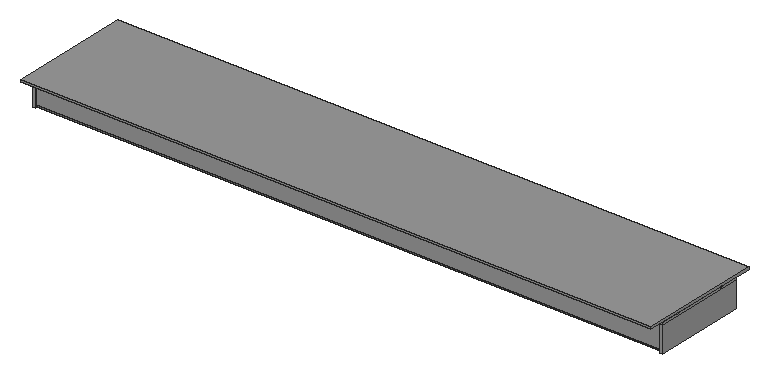
Revit family "Berica 2.2 M", category Lighting Fixtures, Revit 2020 (continued)
Definition of nested family "Light Source Berica 2.2"
  Parameters (values of type "L 45°x96°")
       \r\n28.31 32.83 39.80 50.99 62.08 75.64 94.62 113.79 136.88 \r\n160.99 185.80 211.07 233.69 254.66 277.33 308.16 339.94 \r\n369.98 398.93 426.38 453.65 482.34 509.91 541.82 571.14 \r\n603.80 636.42 671.28 706.25 742.00 780.92 819.81 857.36 \r\n895.49 934.49 972.37 1013.03 1050.30 1086.02 1125.54 \r\n1162.46 1198.18 1233.21 1266.74 1301.11 1332.04 1364.54 \r\n1395.65 1424.40 1453.22 1479.61 1504.73 1529.79 1554.83 \r\n1578.21 1602.15 1620.98 1640.57 1657.68 1677.48 1692.53 \r\n1706.91 1719.81 1731.26 1742.47 1752.84 1761.80 1769.85 \r\n1777.04 1782.90 1787.85 1792.60 1796.12 \r\n1796.12 1792.12 1786.26 1780.08 1773.01 1764.19 1754.28 \r\n1743.55 1731.25 1718.25 1703.33 1687.66 1668.95 1651.52 \r\n1628.70 1606.32 1583.35 1558.66 1530.74 1506.11 1477.67 \r\n1449.41 1418.69 1386.36 1356.94 1318.71 1287.15 1247.90 \r\n1211.13 1170.68 1135.08 1096.70 1057.17 1015.75 975.25 \r\n935.81 894.37 855.07 818.94 778.75 743.65 706.55 670.67 \r\n638.03 603.45 570.93 540.30 509.61 481.18 447.14 412.01 \r\n376.43 341.46 315.34 291.41 268.75 243.25 212.94 184.04 \r\n157.03 130.85 110.32 89.80 70.47 58.67 47.01 34.43 27.14 \r\n23.60 20.41 16.84 13.43 9.93 7.02 6.05 5.26 4.61 3.92 \r\n3.30 2.68 2.18 1.64 1.20 0.82 0.56 0.34 0.24 0.20 0.20 \r\n0.20 0.20 0.20 0.20 0.20 0.24 0.34 0.56 0.82 1.20 1.64 \r\n2.18 2.68 3.30 3.92 4.61 5.26 6.05 7.02 9.93 13.43 16.84 \r\n20.41 23.60 27.14 34.43 47.01 58.67 70.47 89.80 110.32 \r\n130.85 157.03 184.04 212.94 243.25 268.75 291.41 315.34 \r\n341.46 376.43 412.01 447.14 481.18 509.61 540.30 570.93 \r\n603.45 638.03 670.67 706.55 743.65 778.75 818.94 855.07 \r\n894.37 935.81 975.25 1015.75 1057.17 1096.70 1135.08 \r\n1170.68 1211.13 1247.90 1287.15 1318.71 1356.94 1386.36 \r\n1418.69 1449.41 1477.67 1506.11 1530.74 1558.66 1583.35 \r\n1606.32 1628.70 1651.52 1668.95 1687.66 1703.33 1718.25 \r\n1731.25 1743.55 1754.28 1764.19 1773.01 1780.08 1786.26 \r\n1792.12 1796.12 \r\n1796.12 1791.11 1784.43 1776.39 1767.45 1757.47 1745.42 \r\n1733.25 1717.93 1703.57 1684.01 1664.91 1642.56 1620.92 \r\n1594.47 1568.82 1541.65 1513.27 1483.99 1452.56 1421.37 \r\n1385.68 1353.40 1316.64 1280.58 1237.99 1199.77 1158.50 \r\n1117.18 1075.66 1034.00 992.71 949.70 910.08 865.77 \r\n827.11 784.59 748.42 708.65 675.62 640.29 606.71 574.44 \r\n540.45 504.73 463.08 421.18 384.43 355.89 330.44 307.89 \r\n280.12 247.03 214.62 187.63 160.90 137.13 117.09 95.43 \r\n74.77 63.42 50.89 36.81 26.52 22.79 19.88 16.84 13.74 \r\n10.54 7.03 3.75 2.76 2.42 2.17 1.92 1.70 1.47 1.25 1.05 \r\n0.86 0.69 0.52 0.38 0.27 0.20 0.17 0.16 0.16 0.16 0.16 \r\n0.16 0.16 0.16 0.16 0.16 0.17 0.20 0.27 0.38 0.52 0.69 \r\n0.86 1.05 1.25 1.47 1.70 1.92 2.17 2.42 2.76 3.75 7.03 \r\n10.54 13.74 16.84 19.88 22.79 26.52 36.81 50.89 63.42 \r\n74.77 95.43 117.09 137.13 160.90 187.63 214.62 247.03 \r\n280.12 307.89 330.44 355.89 384.43 421.18 463.08 504.73 \r\n540.45 574.44 606.71 640.29 675.62 708.65 748.42 784.59 \r\n827.11 865.77 910.08 949.70 992.71 1034.00 1075.66 \r\n1117.18 1158.50 1199.77 1237.99 1280.58 1316.64 1353.40 \r\n1385.68 1421.37 1452.56 1483.99 1513.27 1541.65 1568.82 \r\n1594.47 1620.92 1642.56 1664.91 1684.01 1703.57 1717.93 \r\n1733.25 1745.42 1757.47 1767.45 1776.39 1784.43 1791.11 \r\n1796.12 \r\n1796.12 1790.84 1782.96 1773.58 1761.75 1751.03 1737.48 \r\n1723.71 1706.02 1686.52 1664.67 1641.53 1615.50 1590.27 \r\n1560.14 1532.42 1500.66 1468.63 1433.64 1399.64 1360.80 \r\n1323.87 1284.20 1242.16 1200.02 1155.72 1113.29 1068.47 \r\n1024.16 981.05 933.96 892.90 849.23 806.26 765.00 725.33 \r\n687.83 651.49 615.55 581.68 539.15 495.60 448.06 408.26 \r\n378.66 349.71 327.17 298.28 260.89 226.74 198.50 172.27 \r\n148.02 127.38 108.86 87.61 72.51 61.92 49.29 34.31 25.73 \r\n22.83 20.01 17.05 13.88 10.73 7.38 3.47 1.39 1.19 1.06 \r\n0.96 0.86 0.77 0.68 0.58 0.50 0.41 0.33 0.26 0.20 0.16 \r\n0.14 0.14 0.13 0.13 0.13 0.13 0.13 0.13 0.13 0.13 0.13 \r\n0.13 0.13 0.13 0.13 0.14 0.14 0.16 0.20 0.26 0.33 0.41 \r\n0.50 0.58 0.68 0.77 0.86 0.96 1.06 1.19 1.39 3.47 7.38 \r\n10.73 13.88 17.05 20.01 22.83 25.73 34.31 49.29 61.92 \r\n72.51 87.61 108.86 127.38 148.02 172.27 198.50 226.74 \r\n260.89 298.28 327.17 349.71 378.66 408.26 448.06 495.60 \r\n539.15 581.68 615.55 651.49 687.83 725.33 765.00 806.26 \r\n849.23 892.90 933.96 981.05 1024.16 1068.47 1113.29 \r\n1155.72 1200.02 1242.16 1284.20 1323.87 1360.80 1399.64 \r\n1433.64 1468.63 1500.66 1532.42 1560.14 1590.27 1615.50 \r\n1641.53 1664.67 1686.52 1706.02 1723.71 1737.48 1751.03 \r\n1761.75 1773.58 1782.96 1790.84 1796.12 \r\n1796.12 1789.46 1781.30 1770.38 1757.76 1744.27 1730.85 \r\n1713.49 1692.51 1670.64 1644.22 1618.45 1590.07 1561.33 \r\n1526.56 1494.59 1457.48 1422.72 1384.98 1342.22 1301.74 \r\n1258.93 1216.14 1168.05 1123.56 1077.33 1029.11 980.61 \r\n934.23 889.28 845.65 801.45 759.52 717.25 676.78 637.20 \r\n601.57 557.99 506.80 456.09 412.73 383.83 353.97 330.50 \r\n295.09 253.21 221.31 192.04 167.94 143.91 126.73 107.93 \r\n85.74 72.64 63.04 50.10 36.84 27.38 24.45 21.71 18.59 \r\n15.82 12.37 9.25 5.24 1.64 0.49 0.39 0.33 0.29 0.26 0.24 \r\n0.21 0.19 0.17 0.15 0.14 0.13 0.12 0.12 0.12 0.11 0.11 \r\n0.11 0.11 0.11 0.11 0.10 0.10 0.10 0.10 0.10 0.10 0.10 \r\n0.11 0.11 0.11 0.11 0.11 0.11 0.12 0.12 0.12 0.13 0.14 \r\n0.15 0.17 0.19 0.21 0.24 0.26 0.29 0.33 0.39 0.49 1.64 \r\n5.24 9.25 12.37 15.82 18.59 21.71 24.45 27.38 36.84 50.10 \r\n63.04 72.64 85.74 107.93 126.73 143.91 167.94 192.04 \r\n221.31 253.21 295.09 330.50 353.97 383.83 412.73 456.09 \r\n506.80 557.99 601.57 637.20 676.78 717.25 759.52 801.45 \r\n845.65 889.28 934.23 980.61 1029.11 1077.33 1123.56 \r\n1168.05 1216.14 1258.93 1301.74 1342.22 1384.98 1422.72 \r\n1457.48 1494.59 1526.56 1561.33 1590.07 1618.45 1644.22 \r\n1670.64 1692.51 1713.49 1730.85 1744.27 1757.76 1770.38 \r\n1781.30 1789.46 1796.12 \r\n1796.12 1788.73 1780.24 1767.55 1753.33 1738.68 1722.49 \r\n1701.37 1677.98 1651.49 1625.00 1594.31 1562.53 1530.52 \r\n1493.98 1458.57 1416.16 1376.88 1332.24 1288.48 1241.84 \r\n1195.97 1147.06 1100.46 1048.12 1000.96 948.08 902.12 \r\n852.12 806.31 766.73 721.29 680.60 638.03 594.73 539.25 \r\n486.10 436.75 398.80 370.02 343.40 312.01 264.83 230.30 \r\n198.85 171.36 148.39 131.15 112.81 93.70 76.78 67.25 \r\n55.93 42.62 30.56 26.64 24.02 21.15 18.30 15.14 11.99 \r\n8.46 4.66 0.94 0.25 0.18 0.14 0.13 0.12 0.12 0.12 0.12 \r\n0.11 0.11 0.11 0.11 0.10 0.10 0.10 0.10 0.10 0.09 0.09 \r\n0.09 0.09 0.09 0.09 0.09 0.09 0.08 0.08 0.08 0.09 0.09 \r\n0.09 0.09 0.09 0.09 0.09 0.09 0.10 0.10 0.10 0.10 0.10 \r\n0.11 0.11 0.11 0.11 0.12 0.12 0.12 0.12 0.13 0.14 0.18 \r\n0.25 0.94 4.66 8.46 11.99 15.14 18.30 21.15 24.02 26.64 \r\n30.56 42.62 55.93 67.25 76.78 93.70 112.81 131.15 148.39 \r\n171.36 198.85 230.30 264.83 312.01 343.40 370.02 398.80 \r\n436.75 486.10 539.25 594.73 638.03 680.60 721.29 766.73 \r\n806.31 852.12 902.12 948.08 1000.96 1048.12 1100.46 \r\n1147.06 1195.97 1241.84 1288.48 1332.24 1376.88 1416.16 \r\n1458.57 1493.98 1530.52 1562.53 1594.31 1625.00 1651.49 \r\n1677.98 1701.37 1722.49 1738.68 1753.33 1767.55 1780.24 \r\n1788.73 1796.12 \r\n1796.12 1788.37 1777.78 1763.93 1750.22 1734.02 1714.69 \r\n1691.88 1664.14 1636.84 1604.26 1572.86 1537.67 1503.02 \r\n1460.47 1419.35 1376.80 1331.88 1283.48 1236.19 1189.09 \r\n1134.02 1088.13 1031.58 982.05 929.58 880.06 829.58 \r\n782.69 739.65 694.57 650.48 602.69 549.19 482.68 434.55 \r\n398.05 369.32 340.08 299.22 250.57 219.13 187.91 162.35 \r\n141.49 123.98 106.08 85.32 73.39 64.05 53.41 40.39 30.16 \r\n26.57 24.12 21.15 18.35 15.38 12.06 8.63 4.81 1.47 0.25 \r\n0.17 0.13 0.11 0.10 0.10 0.10 0.09 0.09 0.09 0.09 0.08 \r\n0.08 0.08 0.08 0.08 0.08 0.07 0.07 0.07 0.07 0.07 0.07 \r\n0.07 0.07 0.07 0.07 0.07 0.07 0.07 0.07 0.07 0.07 0.07 \r\n0.07 0.07 0.07 0.07 0.07 0.07 0.08 0.08 0.08 0.08 0.08 \r\n0.08 0.09 0.09 0.09 0.09 0.10 0.10 0.10 0.11 0.13 0.17 \r\n0.25 1.47 4.81 8.63 12.06 15.38 18.35 21.15 24.12 26.57 \r\n30.16 40.39 53.41 64.05 73.39 85.32 106.08 123.98 141.49 \r\n162.35 187.91 219.13 250.57 299.22 340.08 369.32 398.05 \r\n434.55 482.68 549.19 602.69 650.48 694.57 739.65 782.69 \r\n829.58 880.06 929.58 982.05 1031.58 1088.13 1134.02 \r\n1189.09 1236.19 1283.48 1331.88 1376.80 1419.35 1460.47 \r\n1503.02 1537.67 1572.86 1604.26 1636.84 1664.14 1691.88 \r\n1714.69 1734.02 1750.22 1763.93 1777.78 1788.37 1796.12 \r\n1796.12 1787.68 1777.27 1761.37 1746.13 1728.65 1705.53 \r\n1682.06 1651.09 1621.00 1587.98 1552.91 1514.44 1473.30 \r\n1429.64 1383.92 1339.22 1287.37 1242.43 1187.27 1137.27 \r\n1080.22 1028.34 975.63 919.63 869.94 818.41 769.45 723.66 \r\n677.88 626.83 569.26 506.37 448.94 408.84 376.21 347.67 \r\n304.43 253.06 221.14 189.24 162.52 140.69 124.43 105.94 \r\n86.38 72.65 64.18 54.71 41.77 31.29 27.45 25.00 22.01 \r\n19.20 16.25 13.05 9.75 6.00 2.62 0.33 0.18 0.13 0.10 0.09 \r\n0.09 0.08 0.08 0.08 0.08 0.08 0.07 0.07 0.07 0.07 0.07 \r\n0.07 0.06 0.06 0.06 0.06 0.06 0.06 0.06 0.06 0.06 0.06 \r\n0.06 0.06 0.06 0.06 0.06 0.06 0.06 0.06 0.06 0.06 0.06 \r\n0.06 0.06 0.06 0.06 0.06 0.06 0.07 0.07 0.07 0.07 0.07 \r\n0.07 0.08 0.08 0.08 0.08 0.08 0.09 0.09 0.10 0.13 0.18 \r\n0.33 2.62 6.00 9.75 13.05 16.25 19.20 22.01 25.00 27.45 \r\n31.29 41.77 54.71 64.18 72.65 86.38 105.94 124.43 140.69 \r\n162.52 189.24 221.14 253.06 304.43 347.67 376.21 408.84 \r\n448.94 506.37 569.26 626.83 677.88 723.66 769.45 818.41 \r\n869.94 919.63 975.63 1028.34 1080.22 1137.27 1187.27 \r\n1242.43 1287.37 1339.22 1383.92 1429.64 1473.30 1514.44 \r\n1552.91 1587.98 1621.00 1651.09 1682.06 1705.53 1728.65 \r\n1746.13 1761.37 1777.27 1787.68 1796.12 \r\n1796.12 1787.58 1776.30 1760.72 1743.24 1723.94 1700.81 \r\n1670.31 1639.30 1608.45 1572.19 1534.81 1492.26 1447.96 \r\n1404.25 1351.04 1304.79 1250.37 1199.72 1143.41 1086.74 \r\n1032.62 978.12 924.51 870.00 818.02 766.47 717.80 667.97 \r\n616.01 550.74 485.61 431.71 395.34 363.83 330.92 275.74 \r\n232.64 201.09 170.47 147.95 128.71 113.61 92.17 76.25 \r\n66.70 57.15 47.23 34.77 29.27 26.41 23.70 20.67 17.98 \r\n14.75 11.52 7.91 4.29 1.37 0.22 0.14 0.11 0.08 0.08 0.08 \r\n0.07 0.07 0.07 0.07 0.07 0.07 0.07 0.07 0.06 0.06 0.06 \r\n0.06 0.06 0.06 0.06 0.06 0.06 0.06 0.06 0.06 0.06 0.06 \r\n0.06 0.06 0.06 0.06 0.06 0.06 0.06 0.06 0.06 0.06 0.06 \r\n0.06 0.06 0.06 0.06 0.06 0.06 0.06 0.06 0.06 0.06 0.07 \r\n0.07 0.07 0.07 0.07 0.07 0.07 0.07 0.08 0.08 0.08 0.11 \r\n0.14 0.22 1.37 4.29 7.91 11.52 14.75 17.98 20.67 23.70 \r\n26.41 29.27 34.77 47.23 57.15 66.70 76.25 92.17 113.61 \r\n128.71 147.95 170.47 201.09 232.64 275.74 330.92 363.83 \r\n395.34 431.71 485.61 550.74 616.01 667.97 717.80 766.47 \r\n818.02 870.00 924.51 978.12 1032.62 1086.74 1143.41 \r\n1199.72 1250.37 1304.79 1351.04 1404.25 1447.96 1492.26 \r\n1534.81 1572.19 1608.45 1639.30 1670.31 1700.81 1723.94 \r\n1743.24 1760.72 1776.30 1787.58 1796.12 \r\n1796.12 1786.85 1774.27 1757.87 1740.60 1717.49 1692.35 \r\n1663.36 1627.68 1593.76 1555.73 1518.59 1472.78 1427.58 \r\n1377.24 1325.26 1270.14 1216.67 1162.10 1103.58 1047.00 \r\n988.10 936.40 878.16 825.05 773.40 722.94 669.29 614.68 \r\n543.69 477.79 425.80 391.37 360.43 320.34 262.86 222.79 \r\n188.79 161.48 139.11 122.59 106.99 85.20 72.04 63.26 \r\n53.22 43.41 32.18 28.48 25.87 23.14 20.17 17.41 14.13 \r\n10.79 7.26 3.39 0.90 0.17 0.12 0.09 0.07 0.07 0.07 0.07 \r\n0.07 0.06 0.06 0.06 0.06 0.06 0.06 0.06 0.06 0.07 0.07 \r\n0.07 0.07 0.07 0.07 0.07 0.07 0.07 0.07 0.08 0.08 0.08 \r\n0.08 0.08 0.08 0.08 0.08 0.08 0.08 0.08 0.08 0.08 0.07 \r\n0.07 0.07 0.07 0.07 0.07 0.07 0.07 0.07 0.07 0.06 0.06 \r\n0.06 0.06 0.06 0.06 0.06 0.06 0.07 0.07 0.07 0.07 0.07 \r\n0.09 0.12 0.17 0.90 3.39 7.26 10.79 14.13 17.41 20.17 \r\n23.14 25.87 28.48 32.18 43.41 53.22 63.26 72.04 85.20 \r\n106.99 122.59 139.11 161.48 188.79 222.79 262.86 320.34 \r\n360.43 391.37 425.80 477.79 543.69 614.68 669.29 722.94 \r\n773.40 825.05 878.16 936.40 988.10 1047.00 1103.58 \r\n1162.10 1216.67 1270.14 1325.26 1377.24 1427.58 1472.78 \r\n1518.59 1555.73 1593.76 1627.68 1663.36 1692.35 1717.49 \r\n1740.60 1757.87 1774.27 1786.85 1796.12 \r\n1796.12 1786.79 1773.85 1757.03 1737.30 1715.75 1684.87 \r\n1657.05 1620.24 1584.70 1544.20 1501.78 1458.31 1407.15 \r\n1355.71 1303.54 1246.79 1188.76 1131.95 1070.79 1015.36 \r\n954.29 900.83 843.80 788.47 738.23 685.05 627.75 556.56 \r\n486.05 432.00 394.75 361.93 323.33 261.49 220.62 187.47 \r\n160.50 136.97 120.92 104.63 84.12 71.38 61.93 53.19 41.80 \r\n32.51 28.70 25.97 23.21 20.28 17.40 14.19 10.79 7.35 3.53 \r\n1.07 0.15 0.11 0.08 0.07 0.06 0.06 0.06 0.06 0.06 0.06 \r\n0.06 0.06 0.06 0.07 0.07 0.07 0.07 0.08 0.08 0.08 0.09 \r\n0.09 0.09 0.10 0.10 0.11 0.11 0.12 0.12 0.12 0.12 0.13 \r\n0.13 0.13 0.13 0.13 0.12 0.12 0.12 0.12 0.11 0.11 0.10 \r\n0.10 0.09 0.09 0.09 0.08 0.08 0.08 0.07 0.07 0.07 0.07 \r\n0.06 0.06 0.06 0.06 0.06 0.06 0.06 0.06 0.06 0.07 0.08 \r\n0.11 0.15 1.07 3.53 7.35 10.79 14.19 17.40 20.28 23.21 \r\n25.97 28.70 32.51 41.80 53.19 61.93 71.38 84.12 104.63 \r\n120.92 136.97 160.50 187.47 220.62 261.49 323.33 361.93 \r\n394.75 432.00 486.05 556.56 627.75 685.05 738.23 788.47 \r\n843.80 900.83 954.29 1015.36 1070.79 1131.95 1188.76 \r\n1246.79 1303.54 1355.71 1407.15 1458.31 1501.78 1544.20 \r\n1584.70 1620.24 1657.05 1684.87 1715.75 1737.30 1757.03 \r\n1773.85 1786.79 1796.12 \r\n1796.12 1786.11 1772.26 1755.21 1735.54 1712.28 1682.27 \r\n1649.36 1611.30 1576.65 1532.74 1491.32 1446.22 1394.39 \r\n1339.52 1284.05 1229.72 1165.40 1109.60 1049.79 986.60 \r\n930.65 872.03 816.88 762.63 708.31 654.12 582.62 511.26 \r\n447.49 405.78 373.15 336.21 277.28 227.81 196.26 164.69 \r\n141.09 122.62 107.50 87.07 72.71 63.97 54.33 44.44 33.64 \r\n29.42 26.40 24.01 21.08 18.12 15.05 11.56 8.21 4.40 1.60 \r\n0.18 0.11 0.09 0.07 0.06 0.06 0.06 0.06 0.06 0.06 0.06 \r\n0.06 0.07 0.07 0.07 0.08 0.08 0.09 0.10 0.10 0.11 0.12 \r\n0.14 0.15 0.16 0.17 0.18 0.19 0.20 0.21 0.22 0.23 0.23 \r\n0.23 0.23 0.23 0.23 0.23 0.22 0.21 0.20 0.19 0.18 0.17 \r\n0.16 0.15 0.14 0.12 0.11 0.10 0.10 0.09 0.08 0.08 0.07 \r\n0.07 0.07 0.06 0.06 0.06 0.06 0.06 0.06 0.06 0.06 0.07 \r\n0.09 0.11 0.18 1.60 4.40 8.21 11.56 15.05 18.12 21.08 \r\n24.01 26.40 29.42 33.64 44.44 54.33 63.97 72.71 87.07 \r\n107.50 122.62 141.09 164.69 196.26 227.81 277.28 336.21 \r\n373.15 405.78 447.49 511.26 582.62 654.12 708.31 762.63 \r\n816.88 872.03 930.65 986.60 1049.79 1109.60 1165.40 \r\n1229.72 1284.05 1339.52 1394.39 1446.22 1491.32 1532.74 \r\n1576.65 1611.30 1649.36 1682.27 1712.28 1735.54 1755.21 \r\n1772.26 1786.11 1796.12 \r\n1796.12 1786.50 1772.68 1754.25 1734.55 1710.69 1678.81 \r\n1646.78 1609.06 1572.10 1529.88 1481.34 1436.03 1381.27 \r\n1329.32 1272.12 1212.57 1154.24 1091.43 1032.92 973.99 \r\n913.36 852.52 797.19 741.10 689.80 628.52 558.14 479.23 \r\n425.87 390.08 355.92 313.18 249.58 209.05 177.77 150.47 \r\n129.17 113.86 97.06 78.35 66.75 57.93 48.44 38.08 30.70 \r\n27.74 25.14 22.27 19.44 16.56 13.17 9.81 6.27 2.55 0.61 \r\n0.13 0.10 0.08 0.07 0.06 0.06 0.06 0.07 0.07 0.07 0.07 \r\n0.07 0.08 0.08 0.09 0.10 0.11 0.12 0.14 0.15 0.17 0.19 \r\n0.20 0.22 0.23 0.25 0.26 0.28 0.29 0.30 0.30 0.31 0.31 \r\n0.32 0.32 0.32 0.31 0.31 0.30 0.30 0.29 0.28 0.26 0.25 \r\n0.23 0.22 0.20 0.19 0.17 0.15 0.14 0.12 0.11 0.10 0.09 \r\n0.08 0.08 0.07 0.07 0.07 0.07 0.07 0.06 0.06 0.06 0.07 \r\n0.08 0.10 0.13 0.61 2.55 6.27 9.81 13.17 16.56 19.44 \r\n22.27 25.14 27.74 30.70 38.08 48.44 57.93 66.75 78.35 \r\n97.06 113.86 129.17 150.47 177.77 209.05 249.58 313.18 \r\n355.92 390.08 425.87 479.23 558.14 628.52 689.80 741.10 \r\n797.19 852.52 913.36 973.99 1032.92 1091.43 1154.24 \r\n1212.57 1272.12 1329.32 1381.27 1436.03 1481.34 1529.88 \r\n1572.10 1609.06 1646.78 1678.81 1710.69 1734.55 1754.25 \r\n1772.68 1786.50 1796.12 \r\n1796.12 1785.76 1773.49 1754.32 1734.49 1709.56 1677.73 \r\n1643.44 1607.57 1568.27 1525.35 1480.58 1429.06 1381.69 \r\n1317.44 1265.90 1205.54 1143.43 1080.30 1021.67 962.06 \r\n901.29 844.17 786.42 732.60 673.97 613.49 537.27 463.58 \r\n415.00 378.65 344.95 292.38 236.51 198.19 168.70 142.82 \r\n124.02 108.76 90.28 72.97 64.03 54.69 45.42 34.76 29.57 \r\n26.67 24.18 21.44 18.41 15.41 12.10 8.64 5.00 1.90 0.21 \r\n0.12 0.10 0.08 0.07 0.07 0.07 0.07 0.07 0.07 0.08 0.08 \r\n0.09 0.09 0.10 0.11 0.13 0.15 0.17 0.19 0.20 0.22 0.24 \r\n0.25 0.27 0.28 0.29 0.30 0.31 0.32 0.32 0.32 0.32 0.33 \r\n0.33 0.33 0.33 0.33 0.32 0.32 0.32 0.32 0.31 0.30 0.29 \r\n0.28 0.27 0.25 0.24 0.22 0.20 0.19 0.17 0.15 0.13 0.11 \r\n0.10 0.09 0.09 0.08 0.08 0.07 0.07 0.07 0.07 0.07 0.07 \r\n0.08 0.10 0.12 0.21 1.90 5.00 8.64 12.10 15.41 18.41 \r\n21.44 24.18 26.67 29.57 34.76 45.42 54.69 64.03 72.97 \r\n90.28 108.76 124.02 142.
      82 168.70 198.19 236.51 292.38 \r\n344.95 378.65 415.00 463.58 537.27 613.49 673.97 732.60 \r\n786.42 844.17 901.29 962.06 1021.67 1080.30 1143.43 \r\n1205.54 1265.90 1317.44 1381.69 1429.06 1480.58 1525.35 \r\n1568.27 1607.57 1643.44 1677.73 1709.56 1734.49 1754.32 \r\n1773.49 1785.76 1796.12 \r\n1796.12 1786.35 1769.99 1752.78 1729.20 1704.84 1671.74 \r\n1637.86 1598.77 1557.98 1513.80 1469.15 1415.88 1363.73 \r\n1299.13 1245.07 1190.02 1121.43 1062.67 999.68 941.93 \r\n881.17 822.54 766.03 713.82 651.53 589.59 502.93 443.52 \r\n399.52 365.42 329.66 264.45 221.39 186.71 156.95 134.21 \r\n117.87 101.80 82.65 68.46 60.18 50.50 41.31 32.00 28.31 \r\n25.59 22.98 20.06 17.12 14.28 10.59 7.14 3.37 0.90 0.14 \r\n0.12 0.10 0.09 0.09 0.09 0.09 0.09 0.09 0.10 0.10 0.11 \r\n0.12 0.14 0.16 0.19 0.23 0.27 0.30 0.31 0.32 0.33 0.34 \r\n0.35 0.35 0.36 0.37 0.37 0.37 0.37 0.37 0.36 0.36 0.36 \r\n0.36 0.36 0.36 0.36 0.36 0.36 0.37 0.37 0.37 0.37 0.37 \r\n0.36 0.35 0.35 0.34 0.33 0.32 0.31 0.30 0.27 0.23 0.19 \r\n0.16 0.14 0.12 0.11 0.10 0.10 0.09 0.09 0.09 0.09 0.09 \r\n0.09 0.10 0.12 0.14 0.90 3.37 7.14 10.59 14.28 17.12 \r\n20.06 22.98 25.59 28.31 32.00 41.31 50.50 60.18 68.46 \r\n82.65 101.80 117.87 134.21 156.95 186.71 221.39 264.45 \r\n329.66 365.42 399.52 443.52 502.93 589.59 651.53 713.82 \r\n766.03 822.54 881.17 941.93 999.68 1062.67 1121.43 \r\n1190.02 1245.07 1299.13 1363.73 1415.88 1469.15 1513.80 \r\n1557.98 1598.77 1637.86 1671.74 1704.84 1729.20 1752.78 \r\n1769.99 1786.35 1796.12 \r\n"
    Lumens = 3280 lm
    built-in parameter 1150115 = 1 (stored number, unit not read)
    built-in parameter 1150105 = 261.01 (stored number, unit not read)
    built-in parameter 1150137 = (empty or 0)
    built-in parameter 1150139 = (empty or 0)
    built-in parameter 1150112 = 1 (stored number, unit not read)
    built-in parameter 1150114 = 1 (stored number, unit not read)
    built-in parameter 1150132 = 2
    built-in parameter 1150102 = (empty or 0)
    built-in parameter 1150138 = (empty or 0)
    built-in parameter 1150107 = 3000 (stored number, unit not read)
    built-in parameter 1150106 = 2.6101 (stored number, unit not read)
    built-in parameter 1150104 = 13.8 (stored number, unit not read)
    Dimming Lamp Color Temperature Shift = (empty or 0)
    Default Elevation = 1219.2 mm
    Color Filter = 16777215
    built-in parameter 1114218 = 1 (stored number, unit not read)
    built-in parameter 1150133 = 10 (stored number, unit not read)
